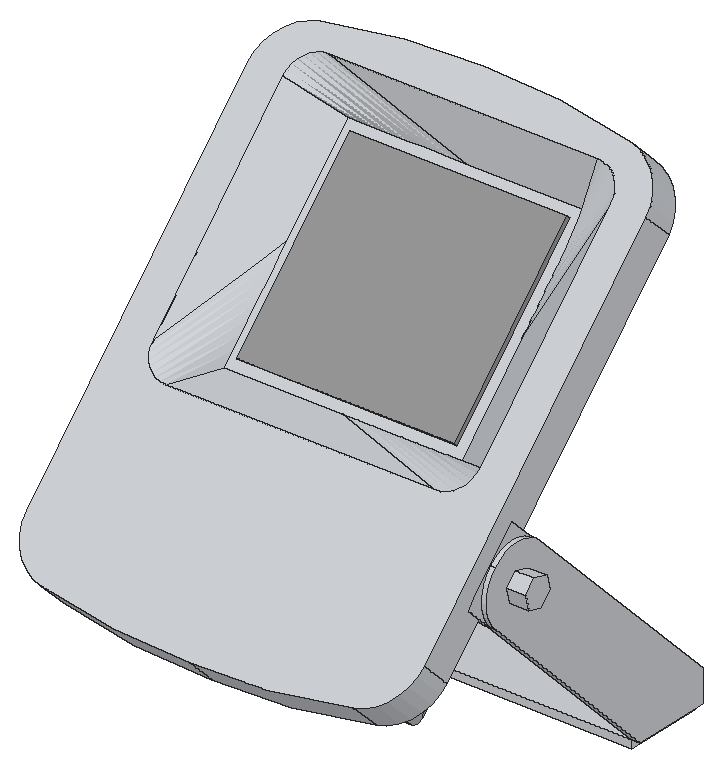
Revit family "0056700", category Generic Models, host Face, Revit 2018
Family settings
  Host = Face
  Can host rebar = No
  Round Connector Dimension = Use Diameter
  Part Type = Normal
  OmniClass Number = 23.80.70.00
  OmniClass Title = Lighting
  Cut with Voids When Loaded = No
  Shared = No
  Room Calculation Point = No
Parameters (values of type "Type Name")
  bracket length = 203 mm
  Width = 40 mm
  URL = "http://www.sylvania-lighting.com"
  Type Image = <None>
  Type Comments = "n/a"
  Material_3_SYL = none
  Model = ""
  Manufacturer = "Feilo Sylvania"
  Length = 231 mm
  Keynote = ""
  Material_2_SYL = none
  Description = ""
  Default Elevation = 1219.2 mm
  Cost = 0
  Material_1_SYL = none
  Assembly Code = ""
  Material_4_SYL = none
Reference planes
  plane 1 "Center (Front/Back)": y = 0
  plane 2: z = 0
  plane 3 "Center (Left/Right)": x = 0
  plane 4: y = 20
  plane 5: y = -20
  plane 6: x = -115.5
  plane 7: x = 115.5
  plane 8: y = 46
  plane 9: z = 200
  plane 10: through (0, -20, 4) normal (0, 0.7071, 0.7071)
  plane 11: through (0, 28.284, 12.284) normal (0, 0.7071, 0.7071)
  plane 12: z = 180
  plane 13: through (0, 7.834, 4.45) normal (0, 0.7071, 0.7071)
  plane 14: through (0, -70.356, 137.359) normal (0, -0.7071, 0.7071)
  plane 15: z = 126
  plane 16: z = 110
  plane 17: through (0, -97.716, 110) normal (0, -0.7071, 0.7071)
  plane 18: through (0, -86.18, 149.82) normal (0, -0.7071, 0.7071)
  plane 19: x = -101.5
  plane 20: x = 101.5
Forms (mm)
  Extrusion 1, solid, detail levels medium+fine
    sketch origin (0, 0, 0) x (1, 0, 0) y (0, 1, 0)
      loop
        line (-97.548, 20) -> (-97.548, -20) -> (101.491, -20) -> (101.491, 20) -> (-97.548, 20)
    from 0 to 4
  Extrusion 2, solid, detail levels medium+fine
    sketch origin (25.482, 1524, 1219.2) x (0, 1, 0) y (0, 0, 1)
      loop
        arc (-1607.574, -1095.058) -> (-1621.716, -1089.2) -> (-1635.858, -1095.058) r 20
        arc (-1635.858, -1095.058) -> (-1641.716, -1109.2) -> (-1635.858, -1123.342) r 20
        line (-1635.858, -1123.342) -> (-1544, -1215.2) -> (-1504, -1215.2) -> (-1504, -1198.631) -> (-1607.574, -1095.058)
    from -123.03 to -126.982
  Extrusion 3, solid, detail levels fine
    sketch origin (-37.5, 1594, 1149.2) x (0, 1, 0) y (0, 0, 1)
      loop
        line (-1686.059, -1033.543) -> (-1693.786, -1031.473) -> (-1699.443, -1037.129) -> (-1697.373, -1044.857) -> (-1689.645, -1046.927) -> (-1683.988, -1041.271) -> (-1686.059, -1033.543)
    from -78 to -64
  Revolve 4, solid, detail levels medium
    sketch origin (1528.249, -97.584, 1149.178) x (1, 0, 0) y (0, 0, 1)
      loop
        line (-1426.757, -1019.2) -> (-1428.444, -1019.2) -> (-1428.444, -1039.2) -> (-1426.757, -1039.2) -> (-1426.757, -1019.2)
      axis (-1428.444, -1039.2) -> (-1426.757, -1039.2)
    angle from 44.553 to 224.921
  Extrusion 5, solid, detail levels medium+fine
    sketch origin (319, 1524, 1219.2) x (0, 1, 0) y (0, 0, 1)
      loop
        arc (-1607.574, -1095.058) -> (-1621.716, -1089.2) -> (-1635.858, -1095.058) r 20
        arc (-1635.858, -1095.058) -> (-1641.716, -1109.2) -> (-1635.858, -1123.342) r 20
        line (-1635.858, -1123.342) -> (-1544, -1215.2) -> (-1504, -1215.2) -> (-1504, -1198.631) -> (-1607.574, -1095.058)
    from -217.509 to -213.509
  Extrusion 6, solid, detail levels fine
    sketch origin (286.5, 1594, 1149.2) x (0, 1, 0) y (0, 0, 1)
      loop
        line (-1686.059, -1033.543) -> (-1693.786, -1031.473) -> (-1699.443, -1037.129) -> (-1697.373, -1044.857) -> (-1689.645, -1046.927) -> (-1683.988, -1041.271) -> (-1686.059, -1033.543)
    from -181.009 to -171
  Extrusion 7, solid, detail levels coarse
    sketch origin (0, 0, 0) x (1, 0, 0) y (0, 1, 0)
      loop
        line (-115.5, 20) -> (-115.5, -117.774) -> (115.5, -117.774) -> (115.5, 20) -> (-115.5, 20)
    from 0 to 129.969
Dimensions and locks
  "Width": plane 4 to plane 5
  equal spacing: plane 4, plane 1 "Center (Front/Back)", plane 5
  "Length": plane 6 to plane 7
  equal spacing: plane 6, plane 3 "Center (Left/Right)", plane 7
  "bracket length": plane 19 to plane 20
  equal spacing: plane 19, plane 3 "Center (Left/Right)", plane 20
  aligned and locked: plane 2 to host face
  aligned and locked: level to host face
Automatic sketch dimensions
  host sketch curve to host sketch curve = 2438.4 mm  (x2)
  Extrusion 1 sketch curve to plane 5 = 0 mm
  plane 6 to Extrusion 1 sketch curve = 17.952 mm
  Extrusion 1 sketch curve to plane 7 = 14.009 mm
  Extrusion 1 sketch curve to plane 4 = 0 mm
  Extrusion 2 sketch curve to Extrusion 2 sketch curve = 0 mm  (x2)
  Extrusion 2 sketch curve to plane 10 = 0 mm  (x2)
  Extrusion 2 sketch curve to plane 14 = 0 mm  (x2)
  Extrusion 2 sketch curve to plane 13 = 0 mm  (x2)
  Extrusion 2 sketch curve to plane 18 = 0 mm
  Extrusion 2 sketch curve to plane 5 = 0 mm
  Extrusion 2 sketch curve to plane 4 = 0 mm
  Extrusion 2 sketch curve to plane 11 = 0 mm
  Extrusion 3 sketch curve to plane 14 = 0 mm  (x2)
  plane 16 to Extrusion 3 sketch curve = 2.071 mm
  Extrusion 3 sketch curve to plane 5 = 85.443 mm
  Extrusion 3 sketch curve to plane 16 = 5.657 mm
  plane 16 to Extrusion 3 sketch curve = 7.727 mm
  Extrusion 3 sketch curve to Extrusion 3 sketch curve = 5.657 mm
  Extrusion 3 sketch curve to plane 16 = 7.727 mm
  Extrusion 3 sketch curve to Extrusion 3 sketch curve = 7.727 mm
  plane 16 to Extrusion 3 sketch curve = 5.657 mm
  Extrusion 3 sketch curve to plane 16 = 2.071 mm
  Extrusion 3 sketch curve to Extrusion 3 sketch curve = 2.071 mm
  Revolve 4 sketch curve to plane 7 = 15.696 mm
  Revolve 4 sketch curve to Revolve 4 sketch curve = 1.687 mm
  Revolve 4 sketch curve to plane 12 = 70.022 mm  (x2)
  Revolve 4 sketch curve to plane 9 = 70.022 mm
  Revolve 4 sketch curve to Revolve 4 sketch curve = 8.585 mm
  plane 7 to Revolve 4 sketch curve = 24.576 mm
  Extrusion 5 sketch curve to Extrusion 5 sketch curve = 0 mm  (x2)
  Extrusion 5 sketch curve to plane 10 = 0 mm  (x2)
  Extrusion 5 sketch curve to plane 14 = 0 mm  (x2)
  Extrusion 5 sketch curve to plane 13 = 0 mm  (x2)
  Extrusion 5 sketch curve to plane 18 = 0 mm
  Extrusion 5 sketch curve to plane 5 = 0 mm
  Extrusion 5 sketch curve to plane 4 = 0 mm
  Extrusion 5 sketch curve to plane 11 = 0 mm
  Extrusion 6 sketch curve to plane 14 = 0 mm  (x2)
  plane 16 to Extrusion 6 sketch curve = 2.071 mm
  Extrusion 6 sketch curve to plane 5 = 85.443 mm
  Extrusion 6 sketch curve to plane 16 = 5.657 mm
  plane 16 to Extrusion 6 sketch curve = 7.727 mm
  Extrusion 6 sketch curve to Extrusion 6 sketch curve = 5.657 mm
  Extrusion 6 sketch curve to plane 16 = 7.727 mm
  Extrusion 6 sketch curve to Extrusion 6 sketch curve = 7.727 mm
  plane 16 to Extrusion 6 sketch curve = 5.657 mm
  Extrusion 6 sketch curve to plane 16 = 2.071 mm
  Extrusion 6 sketch curve to Extrusion 6 sketch curve = 2.071 mm
  plane 6 to Extrusion 7 sketch curve = 0 mm
  Extrusion 7 sketch curve to plane 7 = 0 mm
  Extrusion 7 sketch curve to plane 4 = 0 mm
  Extrusion 7 sketch curve to plane 5 = 97.774 mm
Nested families
  nested 1: "56701 head" at (1.057, -61.513, 146.616) x (-1, 0, 0) z (0, -0.7126, 0.7016), type "0056701 KALANI IP66 7KLM 830 ASYM"
    with built-in parameter 1114216 (empty or 0)
Definition of nested family "56701 head"
  Parameters (values of type "0056701 KALANI IP66 7KLM 830 ASYM")
    length = 267 mm
    height = 68 mm
    Width = 203 mm
    Wattage Comments = "n/a"
    Wattage = 9.2903 W
    built-in parameter 1150110 = 1 (stored number, unit not read)
    URL = "0.95"
    Type Image = (empty or 0)
    Type Comments = "n/a"
    built-in parameter 1114217 = 1 (stored number, unit not read)
    Tilt Angle = 90.00°
    built-in parameter 1150109 = 1 (stored number, unit not read)
    built-in parameter 1150134 = 3
    built-in parameter 1150113 = 1 (stored number, unit not read)
    Photometric Web File = "0056701.IES"
    Material_3_SYL = none
    Model = "Kalani IP66 7KLM 830 ASYM"
    Manufacturer = ""
    built-in parameter 1150105 = 109.82 (stored number, unit not read)
    Lumens = 1380 lm
    built-in parameter 1150115 = 1 (stored number, unit not read)
    built-in parameter 1150137 = (empty or 0)
    built-in parameter 1150139 = (empty or 0)
    built-in parameter 1150112 = 1 (stored number, unit not read)
    built-in parameter 1150114 = 1 (stored number, unit not read)
    Lamp = "n/a"
    Keynote = "n/a"
    Material_2_SYL = none
    built-in parameter 1150132 = (empty or 0)
    built-in parameter 1150102 = (empty or 0)
    built-in parameter 1150107 = 3200 (stored number, unit not read)
    built-in parameter 1150138 = (empty or 0)
    built-in parameter 1150106 = 1.0982 (stored number, unit not read)
    Emit from Circle Diameter = 609.6 mm
    Emit Shape Visible in Rendering = no
    built-in parameter 1150104 = 13.8 (stored number, unit not read)
    Dimming Lamp Color Temperature Shift = (empty or 0)
    Description = "Exterior LED Floodlight, comes complete with 1000mm flying lead and adjustable bracket, aluminium housing, clear glass diffuser, IP66, IK08, Class I, 3000K, CRI80, Non-dimmable, 6900lm, 51W, 135lm/W, Asymmetrical Wide beam, 100.000hrs L70B50 lifespan, 330 x 231 x 68mm (LxWxD) dimensions, 2.1kg weight, RAL9017 Traffic Black color."
    Default Elevation = 1219.2 mm
    Cost = 0
    Color Filter = 16777215
    built-in parameter 1114216 [instance] = (empty or 0)
    Material_1_SYL = none
    built-in parameter 1114218 = 1 (stored number, unit not read)
    built-in parameter 1150133 = 10 (stored number, unit not read)
    Assembly Code = "D5020200"
    Apparent Load = 51 VA
    Material_4_SYL = none
  Reference planes
    plane 1 "Center (Front/Back)": y = 0
    plane 2: z = 0
    plane 3 "Center (Left/Right)": x = 0
    plane 4: z = 30
    plane 5: x = -101.5
    plane 6: x = 101.5
    plane 7: y = 133.5
    plane 8: y = -133.5
    plane 9: y = 126.5
    plane 10: x = -79.5
    plane 11: y = 100.5
    plane 12: z = -38
    plane 13: y = 115.5
    plane 14: x = -83.5
    plane 15: x = 83.5
    plane 16: x = -68.5
    plane 17: z = -17.627
    plane 18: z = -29.097
    plane 19: x = 79.5
    plane 20: x = -32.747
    plane 21: x = 32.7
    plane 22: y = -115.5
    plane 23: x = 83.5
    plane 24: x = -83.5
    plane 25: y = 32.5
    plane 26: y = 14.5
    plane 27: x = -60.5
    plane 28: x = 60.5
    plane 29: y = -97.5
    plane 30: y = 17.5
    plane 31: y = -41.5
    plane 32: y = 9.5
    plane 33: x = -55.5
    plane 34: x = 55.5
    plane 35: y = -92.5
    plane 36: z = 20
    plane 37: y = 51.5
    plane 38: y = 71.5
    plane 39: y = 31.5
    plane 40: z = -18
  Forms (mm)
    Extrusion 1, solid
      sketch origin (4.2, 0, 0) x (1, 0, 0) y (0, 1, 0)
        loop
          line (-1219.2, 1219.2) -> (-1219.2, -1219.2) -> (1219.2, -1219.2) -> (1219.2, 1219.2) -> (-1219.2, 1219.2)
      from 0 to -68.017
    Extrusion 2, solid, detail levels medium+fine
      sketch origin (0, 0, 0) x (1, 0, 0) y (0, 1, 0)
        loop
          arc (0, 133.5) -> (-39.943, 132.193) -> (-79.5, 126.5) r 362.813
          arc (-79.5, 126.5) -> (-95.029, 117.332) -> (-101.5, 100.5) r 27.406
          line (-101.5, 100.5) -> (-101.5, -100.5)
          arc (-101.5, -100.5) -> (-95.029, -117.332) -> (-79.5, -126.5) r 27.406
          arc (-79.5, -126.5) -> (-39.943, -132.193) -> (0, -133.5) r 362.813
          arc (0, -133.5) -> (39.943, -132.193) -> (79.5, -126.5) r 362.813
          arc (79.5, -126.5) -> (95.029, -117.332) -> (101.5, -100.5) r 27.406
          line (101.5, -100.5) -> (101.5, 100.5)
          arc (101.5, 100.5) -> (95.029, 117.332) -> (79.5, 126.5) r 27.406
          arc (79.5, 126.5) -> (39.943, 132.193) -> (0, 133.5) r 362.813
      from 30 to 10
    Extrusion 3, solid
      sketch origin (0, 0, 0) x (1, 0, 0) y (0, 1, 0)
        loop
          line (-83.5, 100.5) -> (-83.5, 0.341) -> (-83.5, -99.817)
          arc (-83.5, -99.817) -> (-79.107, -110.424) -> (-68.5, -114.817) r 15
          line (-68.5, -114.817) -> (0, -114.817) -> (68.5, -114.817)
          arc (68.5, -114.817) -> (79.107, -110.424) -> (83.5, -99.817) r 15
          line (83.5, -99.817) -> (83.5, 0.341) -> (83.5, 100.5)
          arc (83.5, 100.5) -> (79.107, 111.107) -> (68.5, 115.5) r 15
          line (68.5, 115.5) -> (0, 115.5) -> (-68.5, 115.5)
          arc (-68.5, 115.5) -> (-79.107, 111.107) -> (-83.5, 100.5) r 15
      from -38 to 10
    Extrusion 4, void, detail levels medium+fine
      sketch origin (0, 0, 0) x (0, 1, 0) y (0, 0, 1)
        loop
          line (-114.817, 10) -> (-119.5, 10) -> (-119.5, -45) -> (120.5, -45) -> (120.5, 10) -> (115.5, 10) -> (115.5, -23)
          arc (115.5, -23) -> (111.107, -33.607) -> (100.5, -38) r 15
          arc (100.5, -38) -> (7.342, -26.72) -> (-84.506, -7.5) r 1094.362
          arc (-84.506, -7.5) -> (-100.87, -0.843) -> (-114.817, 10) r 64.575
      from -96.169 to 98.305
    Extrusion 5, void
      sketch origin (0, 0, 0) x (1, 0, 0) y (0, 0, 1)
        loop
          arc (-68.5, -29.076) -> (-76.864, -21.997) -> (-81.364, -12.005) r 24.817
          arc (-81.364, -12.005) -> (-83.004, -1.058) -> (-83.5, 10) r 106.706
          line (-83.5, 10) -> (-88.5, 10) -> (-88.5, -42.228) -> (-32.747, -42.228) -> (-32.747, -38)
          arc (-32.747, -38) -> (-51.151, -35.65) -> (-68.5, -29.076) r 79.063
      from -197.298 to 143.969
    Extrusion 6, void
      sketch origin (0, 0, 0) x (1, 0, 0) y (0, 0, 1)
        loop
          line (32.7, -38) -> (32.7, -42.67) -> (88.5, -42.67) -> (88.5, 10) -> (83.5, 10)
          arc (83.5, 10) -> (82.642, -3.979) -> (79.5, -17.627) r 84.98
          arc (79.5, -17.627) -> (74.94, -24.255) -> (68.5, -29.076) r 24.816
          arc (68.5, -29.076) -> (51.128, -35.656) -> (32.7, -38) r 79.067
      from -197.298 to 143.969
    Blend 7, void
      base sketch origin (0, 0, 0) x (1, 0, 0) y (0, 1, 0)
        loop
          line (-83.5, 17.5) -> (-83.5, -100.5)
          arc (-83.5, -100.5) -> (-79.107, -111.107) -> (-68.5, -115.5) r 15
          line (-68.5, -115.5) -> (68.5, -115.5)
          arc (68.5, -115.5) -> (79.107, -111.107) -> (83.5, -100.5) r 15
          line (83.5, -100.5) -> (83.5, 17.5)
          arc (83.5, 17.5) -> (79.107, 28.107) -> (68.5, 32.5) r 15
          line (68.5, 32.5) -> (-68.5, 32.5)
          arc (-68.5, 32.5) -> (-79.107, 28.107) -> (-83.5, 17.5) r 15
      top sketch origin (0, 0, 0) x (1, 0, 0) y (0, 1, 0)
        loop
          line (-60.5, 14.5) -> (-60.5, -41.5) -> (-60.5, -97.5) -> (0, -97.5) -> (60.5, -97.5) -> (60.5, -41.5) -> (60.5, 14.5) -> (0, 14.5) -> (-60.5, 14.5)
      from 30 to 10
    Extrusion 8, solid, detail levels fine
      sketch origin (0, 0, 0) x (1, 0, 0) y (0, 1, 0)
        loop
          line (-55.5, 9.5) -> (-55.5, -92.5) -> (55.5, -92.5) -> (55.5, 9.5) -> (-55.5, 9.5)
      from 10 to 12
    Extrusion 9, solid, detail levels medium+fine
      sketch origin (0, 0, 0) x (0, 1, 0) y (0, 0, 1)
        loop
          arc (31.5, 0) -> (37.824, -13.084) -> (51.5, -18) r 19.219
          arc (51.5, -18) -> (64.735, -12.595) -> (71.5, 0) r 21.131
          line (71.5, 0) -> (71.5, 20) -> (31.5, 20) -> (31.5, 0)
      from 101.5 to 97.5
    Extrusion 10, solid
      sketch origin (0, 0, 0) x (0, 1, 0) y (0, 0, 1)
        loop
          arc (43.5, 0) -> (45.843, -5.657) -> (51.5, -8) r 8
          arc (51.5, -8) -> (57.157, -5.657) -> (59.5, 0) r 8
          line (59.5, 0) -> (59.5, 20) -> (43.5, 20) -> (43.5, 0)
      from 79.5 to 97.5
    Extrusion 11, solid, detail levels medium+fine
      sketch origin (0, 0, 0) x (0, 1, 0) y (0, 0, -1)
        loop
          line (31.5, 0) -> (31.5, -20) -> (71.5, -20) -> (71.5, 0)
          arc (71.5, 0) -> (64.735, 12.595) -> (51.5, 18) r 21.131
          arc (51.5, 18) -> (37.824, 13.084) -> (31.5, 0) r 19.219
      from 101.5 to 97.5
    Extrusion 12, solid
      sketch origin (0, 0, 0) x (0, 1, 0) y (0, 0, -1)
        loop
          line (43.5, 0) -> (43.5, -20) -> (59.5, -20) -> (59.5, 0)
          arc (59.5, 0) -> (57.157, 5.657) -> (51.5, 8) r 8
          arc (51.5, 8) -> (45.843, 5.657) -> (43.5, 0) r 8
      from 79.5 to 97.5
    Extrusion 13, solid, detail levels coarse
      sketch origin (1524, -324.9, 1219.2) x (1, 0, 0) y (0, 0, 1)
        loop
          line (-1422.5, -1189.2) -> (-1625.5, -1189.2) -> (-1625.5, -1257.2) -> (-1422.5, -1257.2) -> (-1422.5, -1189.2)
      from -458.4 to -191.4
  Cuts and joins
    Extrusion 4, Extrusion 5, Extrusion 6, Blend 7 cuts Extrusion 2
    Extrusion 4, Extrusion 5, Extrusion 6 cuts Extrusion 3
  Dimensions and locks
    "Width": plane 5 to plane 6
    equal spacing: plane 5, plane 3 "Center (Left/Right)", plane 6
    "length": plane 7 to plane 8
    equal spacing: plane 7, plane 1 "Center (Front/Back)", plane 8
    "height": plane 4 to plane 12
    aligned and locked: plane 2 to Extrusion 1
    aligned and locked: level to Extrusion 1
  Automatic sketch dimensions
    Extrusion 1 sketch curve to Extrusion 1 sketch curve = 2438.4 mm  (x2)
    Extrusion 2 sketch curve to plane 5 = 0 mm
    Extrusion 2 sketch curve to plane 10 = 0 mm  (x3)
    Extrusion 2 sketch curve to plane 9 = 0 mm  (x4)
    Extrusion 2 sketch curve to plane 3 "Center (Left/Right)" = 0 mm  (x2)
    Extrusion 2 sketch curve to plane 19 = 0 mm  (x3)
    Extrusion 2 sketch curve to plane 6 = 0 mm
    Extrusion 2 sketch curve to plane 8 = 0 mm
    plane 11 to Extrusion 2 sketch curve = 0 mm
    Extrusion 2 sketch curve to plane 11 = 0 mm
    Extrusion 2 sketch curve to plane 7 = 0 mm
    plane 10 to Extrusion 2 sketch curve = 5.392 mm
    Extrusion 2 sketch curve to Extrusion 2 sketch curve = 5.392 mm  (x2)
    Extrusion 2 sketch curve to plane 3 "Center (Left/Right)" = 8.12 mm
    plane 3 "Center (Left/Right)" to Extrusion 2 sketch curve = 8.12 mm  (x2)
    Extrusion 2 sketch curve to plane 29 = 3 mm  (x2)
    Extrusion 3 sketch curve to plane 11 = 0 mm
    Extrusion 3 sketch curve to plane 14 = 0 mm
    Extrusion 3 sketch curve to plane 13 = 0 mm
    Extrusion 3 sketch curve to plane 16 = 0 mm
    Extrusion 3 sketch curve to plane 3 "Center (Left/Right)" = 0 mm  (x2)
    plane 11 to Extrusion 3 sketch curve = 0 mm
    Extrusion 3 sketch curve to plane 15 = 0 mm
    plane 22 to Extrusion 3 sketch curve = 0.683 mm
    plane 28 to Extrusion 3 sketch curve = 8 mm
    Extrusion 3 sketch curve to plane 1 "Center (Front/Back)" = 0.341 mm  (x2)
    Extrusion 4 sketch curve to plane 11 = 0 mm
    Extrusion 4 sketch curve to plane 13 = 0 mm
    Extrusion 4 sketch curve to plane 12 = 0 mm
    plane 35 to Extrusion 4 sketch curve = 23.917 mm
    plane 22 to Extrusion 4 sketch curve = 0.683 mm
    Extrusion 4 sketch curve to plane 22 = 4 mm
    Extrusion 4 sketch curve to Extrusion 4 sketch curve = 5 mm
    plane 7 to Extrusion 4 sketch curve = 51.855 mm
    Extrusion 4 sketch curve to plane 12 = 7 mm
    level to Extrusion 4 sketch curve = 10 mm  (x2)
    plane 4 to Extrusion 4 sketch curve = 25.081 mm
    plane 4 to Extrusion 4 sketch curve = 1023.067 mm
    Extrusion 5 sketch curve to plane 14 = 0 mm
    Extrusion 5 sketch curve to plane 16 = 0 mm  (x2)
    plane 20 to Extrusion 5 sketch curve = 0 mm
    Extrusion 5 sketch curve to plane 14 = 5 mm
    Extrusion 5 sketch curve to plane 33 = 1.545 mm
    Extrusion 5 sketch curve to plane 20 = 0.741 mm
    Extrusion 5 sketch curve to plane 21 = 9.496 mm
    Extrusion 5 sketch curve to plane 12 = 4.228 mm
    plane 12 to Extrusion 5 sketch curve = 0 mm
    Extrusion 5 sketch curve to level = 7.062 mm
    level to Extrusion 5 sketch curve = 9.251 mm
    level to Extrusion 5 sketch curve = 10 mm
    Extrusion 6 sketch curve to plane 21 = 0 mm
    Extrusion 6 sketch curve to plane 17 = 0 mm
    Extrusion 6 sketch curve to plane 19 = 0 mm
    Extrusion 6 sketch curve to plane 15 = 0 mm
    Extrusion 6 sketch curve to plane 21 = 0.697 mm
    Extrusion 6 sketch curve to plane 3 "Center (Left/Right)" = 1.461 mm
    plane 34 to Extrusion 6 sketch curve = 1.545 mm
    plane 15 to Extrusion 6 sketch curve = 5 mm
    Extrusion 6 sketch curve to plane 12 = 0 mm
    Extrusion 6 sketch curve to Extrusion 6 sketch curve = 4.67 mm
    Extrusion 6 sketch curve to level = 7.062 mm
    level to Extrusion 6 sketch curve = 8.198 mm
    plane 4 to Extrusion 6 sketch curve = 11.064 mm
    Blend 7 sketch curve to plane 14 = 0 mm
    Blend 7 sketch curve to plane 16 = 0 mm  (x2)
    Blend 7 sketch curve to plane 22 = 0 mm
    Blend 7 sketch curve to plane 25 = 0 mm
    plane 30 to Blend 7 sketch curve = 0 mm
    Blend 7 sketch curve to plane 15 = 0 mm
    Blend 7 sketch curve to plane 29 = 3 mm
    Blend 7 sketch curve to plane 26 = 0 mm
    Blend 7 sketch curve to plane 27 = 0 mm
    Blend 7 sketch curve to plane 3 "Center (Left/Right)" = 0 mm  (x2)
    Blend 7 sketch curve to plane 28 = 0 mm
    Blend 7 sketch curve to plane 29 = 0 mm
    Blend 7 sketch curve to plane 31 = 0 mm  (x2)
    Extrusion 8 sketch curve to plane 33 = 0 mm
    Extrusion 8 sketch curve to plane 34 = 0 mm
    Extrusion 8 sketch curve to plane 35 = 0 mm
    Extrusion 8 sketch curve to plane 32 = 0 mm
    Extrusion 9 sketch curve to level = 0 mm  (x2)
    Extrusion 9 sketch curve to plane 39 = 0 mm
    Extrusion 9 sketch curve to plane 37 = 0 mm  (x2)
    plane 36 to Extrusion 9 sketch curve = 0 mm
    Extrusion 9 sketch curve to plane 38 = 0 mm
    Extrusion 9 sketch curve to plane 40 = 0 mm
    Extrusion 9 sketch curve to plane 37 = 0.9 mm
    Extrusion 10 sketch curve to Extrusion 10 sketch curve = 0 mm  (x2)
    Extrusion 10 sketch curve to plane 36 = 0 mm
    Extrusion 10 sketch curve to level = 0 mm
    Extrusion 10 sketch curve to plane 37 = 0 mm
    Extrusion 10 sketch curve to plane 37 = 8 mm
    Extrusion 11 sketch curve to level = 0 mm  (x2)
    Extrusion 11 sketch curve to plane 39 = 0 mm
    Extrusion 11 sketch curve to plane 37 = 0 mm  (x2)
    plane 36 to Extrusion 11 sketch curve = 0 mm
    Extrusion 11 sketch curve to plane 38 = 0 mm
    Extrusion 11 sketch curve to plane 40 = 0 mm
    Extrusion 11 sketch curve to plane 37 = 0.9 mm
    Extrusion 12 sketch curve to Extrusion 12 sketch curve = 0 mm  (x2)
    plane 36 to Extrusion 12 sketch curve = 0 mm
    Extrusion 12 sketch curve to level = 0 mm
    Extrusion 12 sketch curve to plane 37 = 0 mm
    Extrusion 12 sketch curve to plane 37 = 8 mm
    Extrusion 13 sketch curve to plane 4 = 0 mm
    Extrusion 13 sketch curve to plane 5 = 0 mm
    Extrusion 13 sketch curve to plane 6 = 0 mm
    Extrusion 13 sketch curve to plane 12 = 0 mm
  Connectors
    electrical at (0, 0, 0), driven by "Apparent Load"
      settings: index 1, voltage 230 V, apparent load 51 VA, apparent load phase1 0 VA, apparent load phase2 0 VA, apparent load phase3 0 VA, power factor 0, load classification none, number of poles 1, system type 30, power factor state 1, is connector primary yes, connector utility no, sub classification motor no, connector description ""
